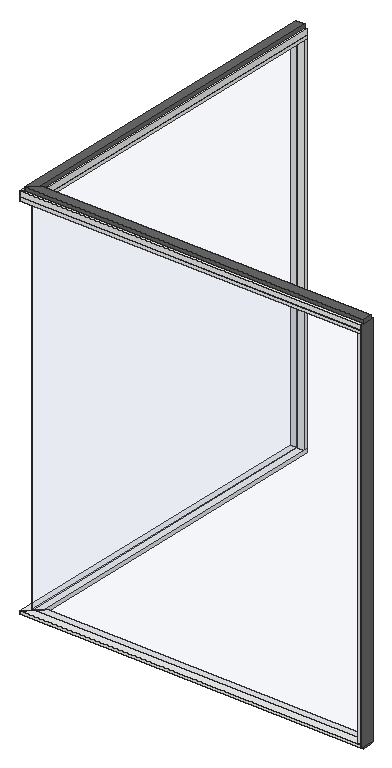
Revit family
Parameters (values of type "108"_90 Degree")
  Width 1 [instance] = 96"
  URL - Product = "http://www.haworth.com/en-us/Products/Architectural/Moveable-Walls/Pages/Enclose.aspx"
  Type Comments = ""
  Model = "see catalog for model #"
  Material Options = "http://surfaces.haworth.com/library3.cfm"
  Warranty = "http://surfaces.haworth.com/rsWarranty3.cfm"
  Width 2 [instance] = 96"
  Vertical Frame Width = 0.875"  # constant formula
  URL = "www.haworth.com"
  LEED Data = "www.haworth.com/_layouts/Haworth.ProductCatalog/Handlers/GetAsset.ashx/Enclose_LEED_Contribution.pdf?cid=180&rid=1981&type=Leed"
  Sustainability Info = "www.haworth.com/en-us/About-Us/Sustainability/Documents/2005-Global-Sustainability-Report.pdf"
  Size = "Verify Final Dim. w/ Haworth"  # constant formula
  Revision Number = "1"  # constant formula
  Panel Width [instance] = Width 1 - (2 * Vertical Frame Width) - End of Run Left Width - End of Run Right Width  # 93.94"
  Panel Height = Actual Height - Horizontal Bottom Adjuster Width - (2 * Horizontal Frame Width) - Horizontal Top Adjuster Width  # 101.5"
  Panel Depth = 0.4"  # constant formula
  Min/Max Width = "12in Min, Verify Max"  # constant formula
  Min/Max Height = "84-144 in."  # constant formula
  Horizontal Top Trim Width = 1.43"  # constant formula
  Horizontal Top Adjuster Width = Cap Height + Horizontal Top Trim Width + 0.195"  # 2.625"
  Horizontal Bottom Adjuster Width = Base Height + Horizontal Frame Width  # 2.125"
  Glazing Connector_90 = and(Glazing Connector, [90 Degree])  # no
  Glazing Connector_135 = and(Glazing Connector, [135 Degree])  # no
  Glazing Connector = no
  End Frame Right [instance] = yes
  End Frame Left [instance] = yes
  Description = if([90 Degree], "Enclose Frameless Glass Corner Wall - 90 Degree", "Enclose Frameless Glass Corner - 135 Degree")  # "Enclose Frameless Glass Corner Wall - 90 Degree"
  Cut Angle = Angle / 2  # 45.00°
  Ceiling Mount = yes
  Min. Height = 84"  # constant formula
  Max. Height = 144"  # constant formula
  Manufacturer = "Haworth"  # constant formula
  Horizontal Frame Width = 0.875"  # constant formula
  Horizontal Bottom Trim Width = 2.425"  # constant formula
  Height = 108"
  Half Postcap Width = 0.155"  # constant formula
  Frame Depth = 4"  # constant formula
  End of Run Right Width [instance] = if(and(End of Run Right, End Frame Right), 1.845", Half Postcap Width)  # 0.155"
  End of Run Right [instance] = no
  End of Run Left Width [instance] = if(and(End of Run Left, End Frame Left), 1.845", Half Postcap Width)  # 0.155"
  End of Run Left [instance] = no
  Cap Height = 1"  # constant formula
  Base Height = 1.25"  # constant formula
  Author = "SHAPE Environments, LLC"  # constant formula
  Assembly Code = "C1010200"
  Angle = if([90 Degree], 90.00°, 135.00°)  # 90.00°
  Actual Height = if(Height < Min. Height, Min. Height, if(Height > Max. Height, Max. Height, Height))  # 108"
  Frame Finish = Haworth - Brushed Aluminum
  Glass Finish = Haworth - Glass - Clear
  End of Run Finish = Haworth - Plastic - Black
  90 Degree = yes
  135 Degree = not([90 Degree])  # no
Types (2): name | Description | Cut Angle | Angle | 90 Degree | 135 Degree
  108"_135 Degree | "Enclose Frameless Glass Corner - 135 Degree" | 67.50° | 135.00° | no | yes
  108"_90 Degree | "Enclose Frameless Glass Corner Wall - 90 Degree" | 45.00° | 90.00° | yes | no
Reference planes (in)
  plane 1 "Center F/B": y = -0.17786
  plane 2: z = 0
  plane 3 "Center L/R": x = -2.36364
  plane 4 "Left": x = -50.36364
  plane 5 "Right": x = 45.63636
  plane 6 "Top": z = 108
  plane 7 "Back": y = 1.82214
  plane 8 "Front": y = -2.17786
  plane 9 "Void 3": x = -2.36364
  plane 10 "Void 1": x = -2.36364
  plane 11 "Right Frame Outside": x = 45.48136
  plane 12 "Right Frame Inside": x = 44.60636
  plane 13 "End of Run Right": x = 45.63636
  plane 14 "Void 2": x = -2.36364
  plane 15 "Top Frame Outside": z = 105.375
  plane 16 "Top Trim Outside": z = 107
  plane 17 "Top Frame Inside": z = 104.5
  plane 18 "Bottom Frame Outside": z = 2.125
  plane 19 "Bottom Adjuster": z = 1.25
  plane 20 "Bottom Frame Inside": z = 3
  plane 21: y = 93.82214
  plane 22: through (-118.24589, 65.70439, 48) normal (-0.7071, 0.7071, 0)
  plane 23: through (-50.36364, -2.17786, 48) normal (-0.7071, 0.7071, 0)
Dimensions and locks (in)
  "Width 1": plane 4 "Left" to plane 13 "End of Run Right"
  "End of Run Right Width": plane 11 "Right Frame Outside" to plane 13 "End of Run Right"
  "Vertical Frame Width": plane 12 "Right Frame Inside" to plane 11 "Right Frame Outside"
  equal spacing: plane 7 "Back", plane 1 "Center F/B", plane 8 "Front"
  "Frame Depth": plane 7 "Back" to plane 8 "Front"
  "Actual Height": plane 6 "Top" to level
  "Cap Height": plane 6 "Top" to plane 16 "Top Trim Outside"
  "Horizontal Frame Width": plane 15 "Top Frame Outside" to plane 17 "Top Frame Inside"
  "Base Height": plane 19 "Bottom Adjuster" to level
  "Horizontal Frame Width": plane 20 "Bottom Frame Inside" to plane 18 "Bottom Frame Outside"
  "Horizontal Bottom Adjuster Width": plane 18 "Bottom Frame Outside" to plane 2
  "Horizontal Top Adjuster Width": plane 6 "Top" to plane 15 "Top Frame Outside"
  locked: nested 2 to plane 4 "Left"
  equal spacing: plane 4 "Left", plane 3 "Center L/R", plane 13 "End of Run Right"
  "Width 2": plane 21 to plane 8 "Front"
  "Width 2": plane 22 to plane 23
  "Angle": angle plane 8 "Front" to nested 2
  aligned and locked: plane 1 "Center F/B" to nested 1
  aligned and locked: plane 3 "Center L/R" to nested 1
  aligned and locked: plane 3 "Center L/R" to plane 10 "Void 1"
  aligned and locked: plane 3 "Center L/R" to plane 14 "Void 2"
  aligned and locked: plane 3 "Center L/R" to plane 9 "Void 3"
Nested families (in)
  nested 1: "Glass_Corner_Panel" at (0, 0, 0), Width <- "Width 1", End of Run <- "End of Run Right", End Frame <- "End Frame Right", type "108" H"
    with Width 96", Panel Width 93.17", HFEC Right Width 0.155", Glass Right Offset 0.875", End of Run Right Width 0.155", End of Run no, End Frame yes, Cut Angle 45.00°
  nested 2: "Glass_Corner_Panel" at (-48.18578, 48.18578, 0) x (0, 1, 0) z (0, 0, 1), Width <- "Width 2", End of Run <- "End of Run Left", End Frame <- "End Frame Left", type "108" H"
    with Width 96", Panel Width 93.17", HFEC Right Width 0.155", Glass Right Offset 0.875", End of Run Right Width 0.155", End of Run no, End Frame yes, Cut Angle 45.00°
Definition of nested family "Glass_Corner_Panel"
  Parameters (values of type "108" H")
    Width [instance] = 36"
    URL - Product = ""
    Material Options = ""
    Warranty = ""
    Vertical Frame Width = 0.875"  # constant formula
    URL = ""
    Top Offset = 1.2185"  # constant formula
    LEED Data = ""
    Sustainability Info = ""
    Size = ""
    Revision Number = "1"  # constant formula
    Panel Width [instance] = if(and(End Frame, Glazing Connector_90, Cut Angle = 45.00°), Width - (Vertical Frame Width) - (End of Run Right Width) - 1.8" - 0.4", if(and(End Frame, Cut Angle = 45.00°), Width - (Vertical Frame Width) - (End of Run Right Width) - 1.8", if(and(End Frame, Glazing Connector_135), Width - (Vertical Frame Width) - (End of Run Right Width) - 1.75" + 1" - 0.4", if(End Frame, Width - (Vertical Frame Width) - (End of Run Right Width) - 0.75", if(and(Glazing Connector_90, Cut Angle = 45.00°), Width - (Vertical Frame Width) - (End of Run Right Width) - 0.75" - 0.4", if(Cut Angle = 45.00°, Width - (Vertical Frame Width) - (End of Run Right Width) - 0.75", if(Glazing Connector_135, Width - (Vertical Frame Width) - End of Run Right Width - 0.72" + 1" - 0.4", Width - 0.75")))))))  # 34.22"
    Panel Height = Height - Horizontal Bottom Adjuster Width - Horizontal Frame Width - Horizontal Top Adjuster Width  # 103.25"
    Panel Depth = 0.4"  # constant formula
    OmniClass Number = "23.25.40.14"  # constant formula
    Min/Max Width = ""
    Min/Max Height = ""
    Horizontal Top Trim Width = 1.43"  # constant formula
    Horizontal Top Adjuster Width = Cap Height + Horizontal Top Trim Width + 0.195"  # 2.625"
    Horizontal Bottom Adjuster Width = Base Height + Horizontal Frame Width  # 1.25"
    Height = 108"
    HFEC Right Width [instance] = if(not(End Frame), 0", End of Run Right Width)  # 0.155"
    Glazing Connector_90 = no
    Glazing Connector_135 = no
    Glass Right Offset [instance] = if(End Frame, Vertical Frame Width, 0")  # 0.875"
    Glass Offset = Horizontal Bottom Adjuster Width + Horizontal Frame Width  # 2.125"
    End Frame [instance] = yes
    Cut Angle = 67.50°
    Ceiling Mount = yes
    Bottom Offset = 2.795"  # constant formula
    Min. Width = 8"  # constant formula
    Max. Width = 60"  # constant formula
    Min. Height = 84"  # constant formula
    Max. Height = 144"  # constant formula
    Manufacturer = "Haworth"  # constant formula
    Horizontal Frame Width = 0.875"  # constant formula
    Horizontal Bottom Trim Width = 2.425"  # constant formula
    Half Postcap Width = 0.155"  # constant formula
    Frame Depth = 4"  # constant formula
    End of Run Right Width [instance] = if(and(End of Run, End Frame), 1.845", Half Postcap Width)  # 0.155"
    End of Run [instance] = no
    Cap Height = 1"  # constant formula
    Base Height = 0.375"  # constant formula
    Author = "SHAPE Environments, LLC"  # constant formula
    Assembly Code = ""
    Frame Finish = Haworth - Brushed Aluminum
    Glass Finish = Haworth - Glass - Clear
    Postcap Finish = Haworth - Plastic - Black
  Reference planes (in)
    plane 1 "Center F/B": y = -0.17786
    plane 2: z = 0
    plane 3 "Center L/R": x = -2.36364
    plane 4 "Void End": x = -20.61364
    plane 5 "Right": x = 15.48136
    plane 6 "Top": z = 108
    plane 7 "Back": y = 1.82214
    plane 8 "Front": y = -2.17786
    plane 9 "Corner": x = -20.36364
    plane 10 "Glass Corner": x = -18.56364
    plane 11 "Right Frame Outside": x = 15.48136
    plane 12 "Right Frame Inside": x = 14.60636
    plane 13 "End of Run Right": x = 15.63636
    plane 14 "Void 1": x = -2.36364
    plane 15 "Top Frame Outside": z = 105.375
    plane 16 "Top Trim Outside": z = 107
    plane 17 "Top Frame Inside": z = 104.5
    plane 18 "Bottom Frame Outside": z = 1.25
    plane 19 "Bottom Adjuster": z = 0.375
    plane 20 "Bottom Frame Inside": z = 2.125
    plane 21 "Glass Constraint": x = 14.60636
  Forms (in)
    Sweep 1, solid, material "Haworth - Plastic - Black" <- "Postcap Finish", visible <- "End Frame"
      path origin (0, -0.17786, 0) x (1, 0, 0) y (0, 0, 1)
        loop
          line (15.48136, 107) -> (15.48136, 0.375)
      profile "Haworth_Enclose - Postcap : Right" origin (15.48136, -0.17786, 53.6875) x (1, 0, 0) y (0, -1, 0)
        loop
          line (0, 1.805) -> (0, -1.805) -> (0.155, -1.805) -> (0.155, 1.805) -> (0, 1.805)
    Sweep 2, solid, material "Haworth - Brushed Aluminum" <- "Frame Finish", visible <- "End Frame"
      path origin (0, -0.17786, 0) x (1, 0, 0) y (0, 0, 1)
        loop
          line (15.48136, 104.5) -> (15.48136, 1.25)
      profile "Haworth_Enclose - Vertical_Frame : Vertical" origin (15.48136, -0.17786, 52.875) x (1, 0, 0) y (0, -1, 0)
        loop
          line (0, 2) -> (-0.875, 2) -> (-0.875, -2) -> (0, -2) -> (0, 2)
    Sweep 3, solid, material "Haworth - Brushed Aluminum" <- "Frame Finish"
      path origin (0, -0.17786, 0) x (1, 0, 0) y (0, 0, 1)
        loop
          line (15.48136, 104.5) -> (-20.36364, 104.5)
      profile "Haworth_Enclose - Horizontal_Frame : Horizontal" origin (-2.44114, -0.17786, 104.5) x (0, 0, -1) y (0, -1, 0)
        loop
          line (0, -2) -> (0, 2) -> (-0.875, 2) -> (-0.875, -2) -> (0, -2)
    Sweep 4, solid, material "Haworth - Brushed Aluminum" <- "Frame Finish"
      path origin (0, -0.17786, 0) x (1, 0, 0) y (0, 0, 1)
        loop
          line (-20.36364, 107) -> (15.48136, 107)
      profile "Haworth_Enclose - Horizontal_Trim : Top" origin (-2.44114, -0.17786, 107) x (0, 0, 1) y (0, -1, 0)
        loop
          line (0, -2) -> (0, 2) -> (-1.43, 2) -> (-1.43, 1.805) -> (-1.625, 1.805) -> (-1.625, -1.805) -> (-1.43, -1.805) -> (-1.43, -2) -> (0, -2)
    Sweep 5, solid, material "Haworth - Plastic - Black", visible <- "Ceiling Mount"
      path origin (0, -0.17786, 0) x (1, 0, 0) y (0, 0, 1)
        loop
          line (-20.36364, 108) -> (15.63636, 108)
      profile "Haworth_Enclose - Horizontal_Track : Ceiling" origin (-2.36364, -0.17786, 108) x (0, 0, 1) y (0, -1, 0)
        loop
          line (0, -1.28) -> (0, 1.28) -> (-1, 1.28) -> (-1, -1.28) -> (0, -1.28)
    Sweep 6, solid, material "Haworth - Plastic - Black"
      path origin (0, -0.17786, 0) x (1, 0, 0) y (0, 0, 1)
        loop
          line (15.63636, 0) -> (-20.36364, 0)
      profile "Haworth_Enclose - Horizontal_Track : Base" origin (-2.36364, -0.17786, 0) x (0, 0, -1) y (0, -1, 0)
        loop
          line (0, -1.2875) -> (0, 1.2875) -> (-0.375, 1.2875) -> (-0.375, -1.2875) -> (0, -1.2875)
    Sweep 7, solid, material "Haworth - Brushed Aluminum" <- "Frame Finish"
      path origin (0, -0.17786, 0) x (1, 0, 0) y (0, 0, 1)
        loop
          line (-20.36364, 1.25) -> (15.48136, 1.25)
      profile "Haworth_Enclose - Horizontal_Frame : Horizontal" origin (-2.44114, -0.17786, 1.25) x (0, 0, 1) y (0, -1, 0)
        loop
          line (0, -2) -> (0, 2) -> (-0.875, 2) -> (-0.875, -2) -> (0, -2)
    Extrusion 8, void
      sketch origin (0, 0, 0) x (1, 0, 0) y (0, 1, 0)
        loop
          line (-20.61364, 1.82214) -> (-20.61364, -2.17786) -> (-20.36364, -2.17786) -> (-18.70679, 1.82214) -> (-20.61364, 1.82214)
      from 0 to 108
    Extrusion 9, solid, material "Haworth - Brushed Aluminum" <- "Frame Finish", visible <- "Glazing Connector_90"
      sketch origin (-0.05, 0, 0) x (1, 0, 0) y (0, 1, 0)
        loop
          line (-18.51364, -0.37786) -> (-18.11364, -0.37786) -> (-18.11364, 0.02214) -> (-18.51364, -0.37786)
      from 1.25 to 104.5
    Extrusion 10, solid, material "Haworth - Brushed Aluminum" <- "Frame Finish", visible <- "Glazing Connector_135"
      sketch origin (-1.05, 0, 0) x (1, 0, 0) y (0, 1, 0)
        loop
          line (-18.16364, 0.02214) -> (-18.40236, 0.02214) -> (-18.56804, -0.37786) -> (-18.16364, -0.37786) -> (-18.16364, 0.02214)
      from 1.25 to 104.5
  Cuts and joins
    Extrusion 8 cuts Sweep 6
    Extrusion 8 cuts Sweep 7
    Extrusion 8 cuts Sweep 5
    Extrusion 8 cuts Sweep 4
    Extrusion 8 cuts Sweep 3
  Lines and regions (in)
    Masking region 1
      outline origin (0, 4.375, 0) x (1, 0, 0) y (0, 1, 0)
        loop
          line (-18.70679, -2.55286) -> (-20.36364, -6.55286) -> (15.63636, -6.55286) -> (15.63636, -2.55286) -> (-18.70679, -2.55286)
    Masking region 2, detail levels medium+fine
      outline origin (0, 0, 0) x (1, 0, 0) y (0, 1, 0)
        loop
          line (-19.45237, 0.02214) -> (-19.61806, -0.37786) -> (14.60636, -0.37786) -> (14.60636, 0.02214) -> (-19.45237, 0.02214)
    symbolic lines, style "Haworth", visible <- "End Frame", detail levels medium+fine
      curve 1: line (14.60636, 1.82214, 0) -> (14.60636, -2.17786, 0)
    reference lines
      curve 2: line (-20.36364, -2.17786, 0) -> (-18.06754, 3.36541, 0)
    symbolic lines, style "Haworth"
      curve 3: line (15.63636, 1.82214, 0) -> (-4.36364, 1.82214, 0)
      curve 4: line (-20.36364, -2.17786, 0) -> (15.63636, -2.17786, 0)
      curve 5: line (15.63636, -2.17786, 0) -> (15.63636, 1.82214, 0)
    symbolic lines, style "Haworth", visible <- "Glazing Connector_90"
      curve 6: line (-18.56364, -0.37786, 0) -> (-18.16364, -0.37786, 0)
      curve 7: line (-18.16364, -0.37786, 0) -> (-18.16364, 0.02214, 0)
    symbolic lines, style "Haworth", visible <- "Glazing Connector_135"
      curve 8: line (-19.21364, 0.02214, 0) -> (-19.21364, -0.37786, 0)
      curve 9: line (-19.21364, -0.37786, 0) -> (-19.61814, -0.37786, 0)
  Dimensions and locks (in)
    equal spacing: plane 9 "Corner", plane 3 "Center L/R", plane 13 "End of Run Right"
    "Width": plane 9 "Corner" to plane 13 "End of Run Right"
    "End of Run Right Width": plane 11 "Right Frame Outside" to plane 13 "End of Run Right"
    "Vertical Frame Width": plane 12 "Right Frame Inside" to plane 11 "Right Frame Outside"
    equal spacing: plane 7 "Back", plane 1 "Center F/B", plane 8 "Front"
    "Frame Depth": plane 7 "Back" to plane 8 "Front"
    "Height": plane 6 "Top" to level
    "Cap Height": plane 6 "Top" to plane 16 "Top Trim Outside"
    "Horizontal Frame Width": plane 15 "Top Frame Outside" to plane 17 "Top Frame Inside"
    "Base Height": plane 19 "Bottom Adjuster" to level
    "Horizontal Bottom Adjuster Width": plane 18 "Bottom Frame Outside" to plane 2
    "Horizontal Top Adjuster Width": plane 6 "Top" to plane 15 "Top Frame Outside"
    locked: plane 9 "Corner" to plane 10 "Glass Corner" at 1.8
    locked: plane 4 "Void End" to plane 9 "Corner" at 0.25
    locked: Extrusion 10 to plane 10 "Glass Corner" at 0.65
    Extrusion 10 sketch curve to Extrusion 10 sketch curve = 0.4044"
    "Glass Right Offset": plane 21 "Glass Constraint" to plane 5 "Right"
    "HFEC Right Width": plane 5 "Right" to plane 13 "End of Run Right"
    "Cut Angle": angle plane 8 "Front" to curve 2
    aligned and locked: Sweep 1 sketch curve to plane 11 "Right Frame Outside"
    aligned and locked: Sweep 2 sketch curve to plane 11 "Right Frame Outside"
    aligned and locked: plane 17 "Top Frame Inside" to Sweep 2 sketch curve
    aligned: plane 3 "Center L/R" to nested 1
    aligned and locked: plane 1 "Center F/B" to nested 1
    aligned: nested 1 to plane 20 "Bottom Frame Inside"
    aligned and locked: curve 1 to Sweep 2
    aligned and locked: plane 17 "Top Frame Inside" to Sweep 3 sketch curve
    aligned and locked: Sweep 4 sketch curve to plane 16 "Top Trim Outside"
    aligned and locked: Sweep 5 sketch curve to plane 6 "Top"
    aligned and locked: plane 13 "End of Run Right" to Sweep 5 sketch curve
    aligned and locked: level to Sweep 6 sketch curve
    aligned and locked: plane 13 "End of Run Right" to Sweep 6 sketch curve
    aligned and locked: plane 9 "Corner" to Sweep 5 sketch curve
    aligned and locked: plane 9 "Corner" to Sweep 6 sketch curve
    aligned and locked: plane 8 "Front" to Masking region 1 sketch curve
    aligned and locked: Masking region 1 sketch curve to plane 7 "Back"
    aligned and locked: Masking region 1 sketch curve to curve 2
    aligned and locked: Masking region 1 sketch curve to plane 13 "End of Run Right"
    aligned and locked: Extrusion 8 sketch curve to plane 8 "Front"
    aligned and locked: Extrusion 8 sketch curve to curve 2
    aligned and locked: plane 7 "Back" to Extrusion 8 sketch curve
    aligned and locked: Extrusion 8 sketch curve to plane 4 "Void End"
    aligned and locked: plane 3 "Center L/R" to plane 14 "Void 1"
    aligned and locked: plane 6 "Top" to Extrusion 8
    aligned and locked: curve 3 to Masking region 1
    aligned and locked: curve 4 to Masking region 1
    aligned and locked: curve 5 to Masking region 1
    aligned and locked: plane 16 "Top Trim Outside" to Sweep 1 sketch curve
    aligned and locked: plane 19 "Bottom Adjuster" to Sweep 1 sketch curve
    aligned: Extrusion 9 to plane 20 "Bottom Frame Inside"
    aligned and locked: plane 17 "Top Frame Inside" to Extrusion 9
    aligned: Extrusion 10 to plane 20 "Bottom Frame Inside"
    aligned and locked: plane 17 "Top Frame Inside" to Extrusion 10
    aligned and locked: Sweep 7 sketch curve to plane 18 "Bottom Frame Outside"
    aligned and locked: nested 1 to plane 18 "Bottom Frame Outside"
    aligned and locked: Extrusion 10 to plane 18 "Bottom Frame Outside"
    aligned and locked: Extrusion 9 to plane 18 "Bottom Frame Outside"
    aligned and locked: plane 18 "Bottom Frame Outside" to Sweep 2 sketch curve
    aligned and locked: Masking region 2 sketch curve to nested 1  (x3)
    aligned and locked: plane 9 "Corner" to Sweep 3 sketch curve
    aligned and locked: plane 9 "Corner" to Sweep 7 sketch curve
    aligned and locked: cut or joined group of Sweep 7, Extrusion 8 to Masking region 2 sketch curve
    aligned and locked: plane 5 "Right" to Sweep 4 sketch curve
    aligned and locked: plane 9 "Corner" to Sweep 4 sketch curve
    aligned and locked: plane 5 "Right" to Sweep 3 sketch curve
    aligned and locked: plane 5 "Right" to Sweep 7 sketch curve
    aligned and locked: plane 21 "Glass Constraint" to nested 1
  Automatic sketch dimensions
    curve 2 to plane 8 "Front" = 0"
    curve 2 to plane 9 "Corner" = 0"
    plane 10 "Glass Corner" to Extrusion 9 sketch curve = 0"
    plane 10 "Glass Corner" to Extrusion 9 sketch curve = 0.4"
    Extrusion 9 sketch curve to plane 1 "Center F/B" = 0.2"
    plane 1 "Center F/B" to Extrusion 9 sketch curve = 0.2"
    plane 1 "Center F/B" to Extrusion 10 sketch curve = 0.2"
    plane 9 "Corner" to Extrusion 10 sketch curve = 0.7456"
    Extrusion 10 sketch curve to plane 1 "Center F/B" = 0.2"
    Extrusion 10 sketch curve to Extrusion 10 sketch curve = 0.16569"
    curve 4 to plane 9 "Corner" = 0"
    plane 1 "Center F/B" to curve 9 = 0.2"
    plane 9 "Corner" to curve 9 = 0.7455"
    curve 9 to curve 8 = 0.4045"
    curve 3 to plane 3 "Center L/R" = 2"
    curve 8 to plane 1 "Center F/B" = 0.2"
    curve 6 to plane 10 "Glass Corner" = 0"
    plane 1 "Center F/B" to curve 6 = 0.2"
    plane 10 "Glass Corner" to curve 7 = 0.4"
    curve 7 to plane 1 "Center F/B" = 0.2"
  Nested families (in)
    nested 1: "Haworth_Enclose - Panel_Glass" at (-3.68385, -0.14763, 1.25), type "Haworth_Enclose - Panel_Glass"
      with Panel Width 34.22", Panel Height 103.25", Panel Depth 0.4"
  Definition of nested family "Haworth_Enclose - Panel_Glass"
    Parameters
      Panel Width = 36"
      Panel Height = 108"
      Panel Finish = none
      Panel Depth = 0.5"
    Reference planes (in)
      plane 1 "Center F/B": y = -0.03024
      plane 2: z = 0
      plane 3 "Center L/R": x = 1.1802
      plane 4 "Left": x = -16.8198
      plane 5 "Right": x = 19.1802
      plane 6 "Back": y = 0.21976
      plane 7 "Front": y = -0.28024
      plane 8 "Top": z = 108
    Forms (in)
      Extrusion 1, solid, material <- "Panel Finish"
        sketch origin (0, -0.03024, 0) x (1, 0, 0) y (0, 0, 1)
          loop
            line (-16.8198, 108) -> (-16.8198, 0) -> (19.1802, 0) -> (19.1802, 108) -> (-16.8198, 108)
        from -0.25 to 0.25
    Dimensions and locks (in)
      "Panel Height": plane 8 "Top" to level
      equal spacing: plane 6 "Back", plane 1 "Center F/B", plane 7 "Front"
      "Panel Depth": plane 6 "Back" to plane 7 "Front"
      equal spacing: plane 4 "Left", plane 3 "Center L/R", plane 5 "Right"
      "Panel Width": plane 4 "Left" to plane 5 "Right"
      aligned and locked: plane 4 "Left" to Extrusion 1 sketch curve
      aligned and locked: Extrusion 1 sketch curve to plane 8 "Top"
      aligned and locked: level to Extrusion 1 sketch curve
      aligned and locked: Extrusion 1 sketch curve to plane 5 "Right"
      aligned and locked: plane 6 "Back" to Extrusion 1
      aligned and locked: Extrusion 1 to plane 7 "Front"
